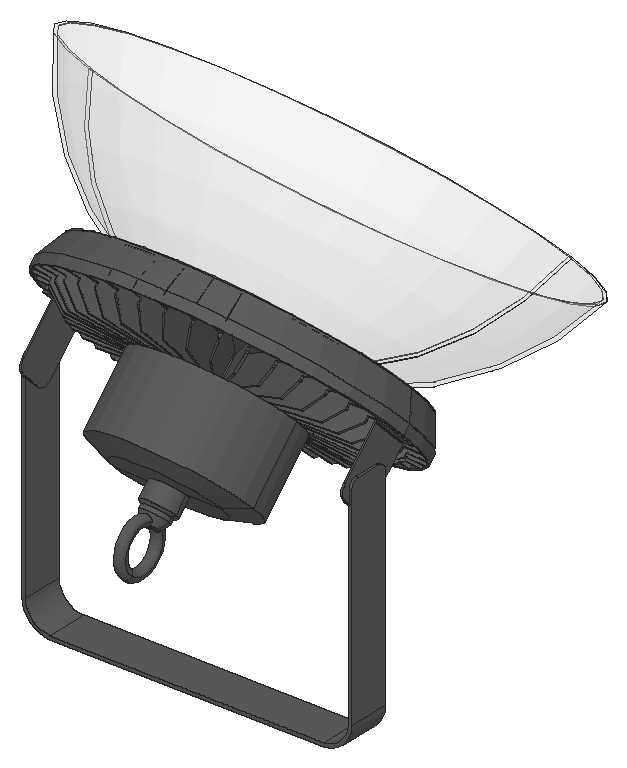
Revit family "0039363+0039354+0039358 Sylvania Lighting Fixture START HighBay IP65 DALI 19000lm 840 MB with BRACKET and PC LAMPSHADE TRANSPARENT 13 19KLM", category Lighting Fixtures, host Face, Revit 2016 (continued)
Definition of nested family "Start LED Highbay DALI Head"
  Nested families
    nested 6: "Start Highbay Rib" at (0, 0, 80.875) x (0.7071, 0.7071, 0) z (0, 0, 1), type "Type Name", detail levels medium+fine
      with SuspensionHeight_FEILO 2.6 mm, WidthStraight_FEILO 4.7 mm, WidthRingChamfer_FEILO 12.9 mm, WidthCurved_FEILO 26.2 mm, WidthCurvedRing_FEILO 4.7 mm, SizeS_FEILO no, Rib4_FEILO 14.6 mm, Rib3_FEILO 20.2 mm, Rib2_FEILO 4.5 mm, Rib1_FEILO 19 mm, RadiusDiffuser_FEILO 120 mm, RHRadius3_FEILO 8.6 mm, RHRadius2_FEILO 14 mm, RHRadius1_FEILO 17.7 mm, RHHeight4_FEILO 9.2 mm, RHHeight3_FEILO 4.6 mm, RHHeight2_FEILO 2.6 mm, RHHeight1_FEILO 17.4 mm, HeightRing_FEILO 36.8 mm, HeightRingChamfer_FEILO 26.6 mm, EyeThickness_FEILO 10.5 mm, EyeThicknessHalf_FEILO 5.25 mm, EyeInner_FEILO 17.3 mm, DriverVerticalStraight_FEILO 57 mm, DriverVerticalChamfer_FEILO 9.5 mm, DriverRadius_FEILO 76.4 mm, DriverRadiusTop_FEILO 52.4 mm, DriverBottom_FEILO 74 mm, Radius_FEILO 169.5 mm
    nested 7: "Start Highbay Rib" at (0, 0, 80.875) x (0.5878, 0.809, 0) z (0, 0, 1), type "Type Name", detail levels medium+fine
      with SuspensionHeight_FEILO 2.6 mm, WidthStraight_FEILO 4.7 mm, WidthRingChamfer_FEILO 12.9 mm, WidthCurved_FEILO 26.2 mm, WidthCurvedRing_FEILO 4.7 mm, SizeS_FEILO no, Rib4_FEILO 14.6 mm, Rib3_FEILO 20.2 mm, Rib2_FEILO 4.5 mm, Rib1_FEILO 19 mm, RadiusDiffuser_FEILO 120 mm, RHRadius3_FEILO 8.6 mm, RHRadius2_FEILO 14 mm, RHRadius1_FEILO 17.7 mm, RHHeight4_FEILO 9.2 mm, RHHeight3_FEILO 4.6 mm, RHHeight2_FEILO 2.6 mm, RHHeight1_FEILO 17.4 mm, HeightRing_FEILO 36.8 mm, HeightRingChamfer_FEILO 26.6 mm, EyeThickness_FEILO 10.5 mm, EyeThicknessHalf_FEILO 5.25 mm, EyeInner_FEILO 17.3 mm, DriverVerticalStraight_FEILO 57 mm, DriverVerticalChamfer_FEILO 9.5 mm, DriverRadius_FEILO 76.4 mm, DriverRadiusTop_FEILO 52.4 mm, DriverBottom_FEILO 74 mm, Radius_FEILO 169.5 mm
    nested 8: "Start Highbay Rib" at (0, 0, 80.875) x (0.454, 0.891, 0) z (0, 0, 1), type "Type Name", detail levels medium+fine
      with SuspensionHeight_FEILO 2.6 mm, WidthStraight_FEILO 4.7 mm, WidthRingChamfer_FEILO 12.9 mm, WidthCurved_FEILO 26.2 mm, WidthCurvedRing_FEILO 4.7 mm, SizeS_FEILO no, Rib4_FEILO 14.6 mm, Rib3_FEILO 20.2 mm, Rib2_FEILO 4.5 mm, Rib1_FEILO 19 mm, RadiusDiffuser_FEILO 120 mm, RHRadius3_FEILO 8.6 mm, RHRadius2_FEILO 14 mm, RHRadius1_FEILO 17.7 mm, RHHeight4_FEILO 9.2 mm, RHHeight3_FEILO 4.6 mm, RHHeight2_FEILO 2.6 mm, RHHeight1_FEILO 17.4 mm, HeightRing_FEILO 36.8 mm, HeightRingChamfer_FEILO 26.6 mm, EyeThickness_FEILO 10.5 mm, EyeThicknessHalf_FEILO 5.25 mm, EyeInner_FEILO 17.3 mm, DriverVerticalStraight_FEILO 57 mm, DriverVerticalChamfer_FEILO 9.5 mm, DriverRadius_FEILO 76.4 mm, DriverRadiusTop_FEILO 52.4 mm, DriverBottom_FEILO 74 mm, Radius_FEILO 169.5 mm
    nested 9: "Start Highbay Rib" at (0, 0, 80.875) x (0.309, 0.9511, 0) z (0, 0, 1), type "Type Name", detail levels medium+fine
      with SuspensionHeight_FEILO 2.6 mm, WidthStraight_FEILO 4.7 mm, WidthRingChamfer_FEILO 12.9 mm, WidthCurved_FEILO 26.2 mm, WidthCurvedRing_FEILO 4.7 mm, SizeS_FEILO no, Rib4_FEILO 14.6 mm, Rib3_FEILO 20.2 mm, Rib2_FEILO 4.5 mm, Rib1_FEILO 19 mm, RadiusDiffuser_FEILO 120 mm, RHRadius3_FEILO 8.6 mm, RHRadius2_FEILO 14 mm, RHRadius1_FEILO 17.7 mm, RHHeight4_FEILO 9.2 mm, RHHeight3_FEILO 4.6 mm, RHHeight2_FEILO 2.6 mm, RHHeight1_FEILO 17.4 mm, HeightRing_FEILO 36.8 mm, HeightRingChamfer_FEILO 26.6 mm, EyeThickness_FEILO 10.5 mm, EyeThicknessHalf_FEILO 5.25 mm, EyeInner_FEILO 17.3 mm, DriverVerticalStraight_FEILO 57 mm, DriverVerticalChamfer_FEILO 9.5 mm, DriverRadius_FEILO 76.4 mm, DriverRadiusTop_FEILO 52.4 mm, DriverBottom_FEILO 74 mm, Radius_FEILO 169.5 mm
    nested 10: "Start Highbay Rib" at (0, 0, 80.875) x (0.1564, 0.9877, 0) z (0, 0, 1), type "Type Name", detail levels medium+fine
      with SuspensionHeight_FEILO 2.6 mm, WidthStraight_FEILO 4.7 mm, WidthRingChamfer_FEILO 12.9 mm, WidthCurved_FEILO 26.2 mm, WidthCurvedRing_FEILO 4.7 mm, SizeS_FEILO no, Rib4_FEILO 14.6 mm, Rib3_FEILO 20.2 mm, Rib2_FEILO 4.5 mm, Rib1_FEILO 19 mm, RadiusDiffuser_FEILO 120 mm, RHRadius3_FEILO 8.6 mm, RHRadius2_FEILO 14 mm, RHRadius1_FEILO 17.7 mm, RHHeight4_FEILO 9.2 mm, RHHeight3_FEILO 4.6 mm, RHHeight2_FEILO 2.6 mm, RHHeight1_FEILO 17.4 mm, HeightRing_FEILO 36.8 mm, HeightRingChamfer_FEILO 26.6 mm, EyeThickness_FEILO 10.5 mm, EyeThicknessHalf_FEILO 5.25 mm, EyeInner_FEILO 17.3 mm, DriverVerticalStraight_FEILO 57 mm, DriverVerticalChamfer_FEILO 9.5 mm, DriverRadius_FEILO 76.4 mm, DriverRadiusTop_FEILO 52.4 mm, DriverBottom_FEILO 74 mm, Radius_FEILO 169.5 mm
    nested 11: "Start Highbay Rib" at (0, 0, 80.875) x (0, 1, 0) z (0, 0, 1), type "Type Name", detail levels medium+fine
      with SuspensionHeight_FEILO 2.6 mm, WidthStraight_FEILO 4.7 mm, WidthRingChamfer_FEILO 12.9 mm, WidthCurved_FEILO 26.2 mm, WidthCurvedRing_FEILO 4.7 mm, SizeS_FEILO no, Rib4_FEILO 14.6 mm, Rib3_FEILO 20.2 mm, Rib2_FEILO 4.5 mm, Rib1_FEILO 19 mm, RadiusDiffuser_FEILO 120 mm, RHRadius3_FEILO 8.6 mm, RHRadius2_FEILO 14 mm, RHRadius1_FEILO 17.7 mm, RHHeight4_FEILO 9.2 mm, RHHeight3_FEILO 4.6 mm, RHHeight2_FEILO 2.6 mm, RHHeight1_FEILO 17.4 mm, HeightRing_FEILO 36.8 mm, HeightRingChamfer_FEILO 26.6 mm, EyeThickness_FEILO 10.5 mm, EyeThicknessHalf_FEILO 5.25 mm, EyeInner_FEILO 17.3 mm, DriverVerticalStraight_FEILO 57 mm, DriverVerticalChamfer_FEILO 9.5 mm, DriverRadius_FEILO 76.4 mm, DriverRadiusTop_FEILO 52.4 mm, DriverBottom_FEILO 74 mm, Radius_FEILO 169.5 mm
    nested 12: "Start Highbay Rib" at (0, 0, 80.875) x (-0.1564, 0.9877, 0) z (0, 0, 1), type "Type Name", detail levels medium+fine
      with SuspensionHeight_FEILO 2.6 mm, WidthStraight_FEILO 4.7 mm, WidthRingChamfer_FEILO 12.9 mm, WidthCurved_FEILO 26.2 mm, WidthCurvedRing_FEILO 4.7 mm, SizeS_FEILO no, Rib4_FEILO 14.6 mm, Rib3_FEILO 20.2 mm, Rib2_FEILO 4.5 mm, Rib1_FEILO 19 mm, RadiusDiffuser_FEILO 120 mm, RHRadius3_FEILO 8.6 mm, RHRadius2_FEILO 14 mm, RHRadius1_FEILO 17.7 mm, RHHeight4_FEILO 9.2 mm, RHHeight3_FEILO 4.6 mm, RHHeight2_FEILO 2.6 mm, RHHeight1_FEILO 17.4 mm, HeightRing_FEILO 36.8 mm, HeightRingChamfer_FEILO 26.6 mm, EyeThickness_FEILO 10.5 mm, EyeThicknessHalf_FEILO 5.25 mm, EyeInner_FEILO 17.3 mm, DriverVerticalStraight_FEILO 57 mm, DriverVerticalChamfer_FEILO 9.5 mm, DriverRadius_FEILO 76.4 mm, DriverRadiusTop_FEILO 52.4 mm, DriverBottom_FEILO 74 mm, Radius_FEILO 169.5 mm
    nested 13: "Start Highbay Rib" at (0, 0, 80.875) x (-0.309, 0.9511, 0) z (0, 0, 1), type "Type Name", detail levels medium+fine
      with SuspensionHeight_FEILO 2.6 mm, WidthStraight_FEILO 4.7 mm, WidthRingChamfer_FEILO 12.9 mm, WidthCurved_FEILO 26.2 mm, WidthCurvedRing_FEILO 4.7 mm, SizeS_FEILO no, Rib4_FEILO 14.6 mm, Rib3_FEILO 20.2 mm, Rib2_FEILO 4.5 mm, Rib1_FEILO 19 mm, RadiusDiffuser_FEILO 120 mm, RHRadius3_FEILO 8.6 mm, RHRadius2_FEILO 14 mm, RHRadius1_FEILO 17.7 mm, RHHeight4_FEILO 9.2 mm, RHHeight3_FEILO 4.6 mm, RHHeight2_FEILO 2.6 mm, RHHeight1_FEILO 17.4 mm, HeightRing_FEILO 36.8 mm, HeightRingChamfer_FEILO 26.6 mm, EyeThickness_FEILO 10.5 mm, EyeThicknessHalf_FEILO 5.25 mm, EyeInner_FEILO 17.3 mm, DriverVerticalStraight_FEILO 57 mm, DriverVerticalChamfer_FEILO 9.5 mm, DriverRadius_FEILO 76.4 mm, DriverRadiusTop_FEILO 52.4 mm, DriverBottom_FEILO 74 mm, Radius_FEILO 169.5 mm
    nested 14: "Start Highbay Rib" at (0, 0, 80.875) x (-0.454, 0.891, 0) z (0, 0, 1), type "Type Name", detail levels medium+fine
      with SuspensionHeight_FEILO 2.6 mm, WidthStraight_FEILO 4.7 mm, WidthRingChamfer_FEILO 12.9 mm, WidthCurved_FEILO 26.2 mm, WidthCurvedRing_FEILO 4.7 mm, SizeS_FEILO no, Rib4_FEILO 14.6 mm, Rib3_FEILO 20.2 mm, Rib2_FEILO 4.5 mm, Rib1_FEILO 19 mm, RadiusDiffuser_FEILO 120 mm, RHRadius3_FEILO 8.6 mm, RHRadius2_FEILO 14 mm, RHRadius1_FEILO 17.7 mm, RHHeight4_FEILO 9.2 mm, RHHeight3_FEILO 4.6 mm, RHHeight2_FEILO 2.6 mm, RHHeight1_FEILO 17.4 mm, HeightRing_FEILO 36.8 mm, HeightRingChamfer_FEILO 26.6 mm, EyeThickness_FEILO 10.5 mm, EyeThicknessHalf_FEILO 5.25 mm, EyeInner_FEILO 17.3 mm, DriverVerticalStraight_FEILO 57 mm, DriverVerticalChamfer_FEILO 9.5 mm, DriverRadius_FEILO 76.4 mm, DriverRadiusTop_FEILO 52.4 mm, DriverBottom_FEILO 74 mm, Radius_FEILO 169.5 mm
    nested 15: "Start Highbay Rib" at (0, 0, 80.875) x (-0.5878, 0.809, 0) z (0, 0, 1), type "Type Name", detail levels medium+fine
      with SuspensionHeight_FEILO 2.6 mm, WidthStraight_FEILO 4.7 mm, WidthRingChamfer_FEILO 12.9 mm, WidthCurved_FEILO 26.2 mm, WidthCurvedRing_FEILO 4.7 mm, SizeS_FEILO no, Rib4_FEILO 14.6 mm, Rib3_FEILO 20.2 mm, Rib2_FEILO 4.5 mm, Rib1_FEILO 19 mm, RadiusDiffuser_FEILO 120 mm, RHRadius3_FEILO 8.6 mm, RHRadius2_FEILO 14 mm, RHRadius1_FEILO 17.7 mm, RHHeight4_FEILO 9.2 mm, RHHeight3_FEILO 4.6 mm, RHHeight2_FEILO 2.6 mm, RHHeight1_FEILO 17.4 mm, HeightRing_FEILO 36.8 mm, HeightRingChamfer_FEILO 26.6 mm, EyeThickness_FEILO 10.5 mm, EyeThicknessHalf_FEILO 5.25 mm, EyeInner_FEILO 17.3 mm, DriverVerticalStraight_FEILO 57 mm, DriverVerticalChamfer_FEILO 9.5 mm, DriverRadius_FEILO 76.4 mm, DriverRadiusTop_FEILO 52.4 mm, DriverBottom_FEILO 74 mm, Radius_FEILO 169.5 mm
    nested 16: "Start Highbay Rib" at (0, 0, 80.875) x (-0.7071, 0.7071, 0) z (0, 0, 1), type "Type Name", detail levels medium+fine
      with SuspensionHeight_FEILO 2.6 mm, WidthStraight_FEILO 4.7 mm, WidthRingChamfer_FEILO 12.9 mm, WidthCurved_FEILO 26.2 mm, WidthCurvedRing_FEILO 4.7 mm, SizeS_FEILO no, Rib4_FEILO 14.6 mm, Rib3_FEILO 20.2 mm, Rib2_FEILO 4.5 mm, Rib1_FEILO 19 mm, RadiusDiffuser_FEILO 120 mm, RHRadius3_FEILO 8.6 mm, RHRadius2_FEILO 14 mm, RHRadius1_FEILO 17.7 mm, RHHeight4_FEILO 9.2 mm, RHHeight3_FEILO 4.6 mm, RHHeight2_FEILO 2.6 mm, RHHeight1_FEILO 17.4 mm, HeightRing_FEILO 36.8 mm, HeightRingChamfer_FEILO 26.6 mm, EyeThickness_FEILO 10.5 mm, EyeThicknessHalf_FEILO 5.25 mm, EyeInner_FEILO 17.3 mm, DriverVerticalStraight_FEILO 57 mm, DriverVerticalChamfer_FEILO 9.5 mm, DriverRadius_FEILO 76.4 mm, DriverRadiusTop_FEILO 52.4 mm, DriverBottom_FEILO 74 mm, Radius_FEILO 169.5 mm
    nested 17: "Start Highbay Rib" at (0, 0, 80.875) x (-0.809, 0.5878, 0) z (0, 0, 1), type "Type Name", detail levels medium+fine
      with SuspensionHeight_FEILO 2.6 mm, WidthStraight_FEILO 4.7 mm, WidthRingChamfer_FEILO 12.9 mm, WidthCurved_FEILO 26.2 mm, WidthCurvedRing_FEILO 4.7 mm, SizeS_FEILO no, Rib4_FEILO 14.6 mm, Rib3_FEILO 20.2 mm, Rib2_FEILO 4.5 mm, Rib1_FEILO 19 mm, RadiusDiffuser_FEILO 120 mm, RHRadius3_FEILO 8.6 mm, RHRadius2_FEILO 14 mm, RHRadius1_FEILO 17.7 mm, RHHeight4_FEILO 9.2 mm, RHHeight3_FEILO 4.6 mm, RHHeight2_FEILO 2.6 mm, RHHeight1_FEILO 17.4 mm, HeightRing_FEILO 36.8 mm, HeightRingChamfer_FEILO 26.6 mm, EyeThickness_FEILO 10.5 mm, EyeThicknessHalf_FEILO 5.25 mm, EyeInner_FEILO 17.3 mm, DriverVerticalStraight_FEILO 57 mm, DriverVerticalChamfer_FEILO 9.5 mm, DriverRadius_FEILO 76.4 mm, DriverRadiusTop_FEILO 52.4 mm, DriverBottom_FEILO 74 mm, Radius_FEILO 169.5 mm
    nested 18: "Start Highbay Rib" at (0, 0, 80.875) x (-0.891, 0.454, 0) z (0, 0, 1), type "Type Name", detail levels medium+fine
      with SuspensionHeight_FEILO 2.6 mm, WidthStraight_FEILO 4.7 mm, WidthRingChamfer_FEILO 12.9 mm, WidthCurved_FEILO 26.2 mm, WidthCurvedRing_FEILO 4.7 mm, SizeS_FEILO no, Rib4_FEILO 14.6 mm, Rib3_FEILO 20.2 mm, Rib2_FEILO 4.5 mm, Rib1_FEILO 19 mm, RadiusDiffuser_FEILO 120 mm, RHRadius3_FEILO 8.6 mm, RHRadius2_FEILO 14 mm, RHRadius1_FEILO 17.7 mm, RHHeight4_FEILO 9.2 mm, RHHeight3_FEILO 4.6 mm, RHHeight2_FEILO 2.6 mm, RHHeight1_FEILO 17.4 mm, HeightRing_FEILO 36.8 mm, HeightRingChamfer_FEILO 26.6 mm, EyeThickness_FEILO 10.5 mm, EyeThicknessHalf_FEILO 5.25 mm, EyeInner_FEILO 17.3 mm, DriverVerticalStraight_FEILO 57 mm, DriverVerticalChamfer_FEILO 9.5 mm, DriverRadius_FEILO 76.4 mm, DriverRadiusTop_FEILO 52.4 mm, DriverBottom_FEILO 74 mm, Radius_FEILO 169.5 mm
    nested 19: "Start Highbay Rib" at (0, 0, 80.875) x (-0.9511, 0.309, 0) z (0, 0, 1), type "Type Name", detail levels medium+fine
      with SuspensionHeight_FEILO 2.6 mm, WidthStraight_FEILO 4.7 mm, WidthRingChamfer_FEILO 12.9 mm, WidthCurved_FEILO 26.2 mm, WidthCurvedRing_FEILO 4.7 mm, SizeS_FEILO no, Rib4_FEILO 14.6 mm, Rib3_FEILO 20.2 mm, Rib2_FEILO 4.5 mm, Rib1_FEILO 19 mm, RadiusDiffuser_FEILO 120 mm, RHRadius3_FEILO 8.6 mm, RHRadius2_FEILO 14 mm, RHRadius1_FEILO 17.7 mm, RHHeight4_FEILO 9.2 mm, RHHeight3_FEILO 4.6 mm, RHHeight2_FEILO 2.6 mm, RHHeight1_FEILO 17.4 mm, HeightRing_FEILO 36.8 mm, HeightRingChamfer_FEILO 26.6 mm, EyeThickness_FEILO 10.5 mm, EyeThicknessHalf_FEILO 5.25 mm, EyeInner_FEILO 17.3 mm, DriverVerticalStraight_FEILO 57 mm, DriverVerticalChamfer_FEILO 9.5 mm, DriverRadius_FEILO 76.4 mm, DriverRadiusTop_FEILO 52.4 mm, DriverBottom_FEILO 74 mm, Radius_FEILO 169.5 mm
    nested 20: "Start Highbay Rib" at (0, 0, 80.875) x (-0.9877, 0.1564, 0) z (0, 0, 1), type "Type Name", detail levels medium+fine
      with SuspensionHeight_FEILO 2.6 mm, WidthStraight_FEILO 4.7 mm, WidthRingChamfer_FEILO 12.9 mm, WidthCurved_FEILO 26.2 mm, WidthCurvedRing_FEILO 4.7 mm, SizeS_FEILO no, Rib4_FEILO 14.6 mm, Rib3_FEILO 20.2 mm, Rib2_FEILO 4.5 mm, Rib1_FEILO 19 mm, RadiusDiffuser_FEILO 120 mm, RHRadius3_FEILO 8.6 mm, RHRadius2_FEILO 14 mm, RHRadius1_FEILO 17.7 mm, RHHeight4_FEILO 9.2 mm, RHHeight3_FEILO 4.6 mm, RHHeight2_FEILO 2.6 mm, RHHeight1_FEILO 17.4 mm, HeightRing_FEILO 36.8 mm, HeightRingChamfer_FEILO 26.6 mm, EyeThickness_FEILO 10.5 mm, EyeThicknessHalf_FEILO 5.25 mm, EyeInner_FEILO 17.3 mm, DriverVerticalStraight_FEILO 57 mm, DriverVerticalChamfer_FEILO 9.5 mm, DriverRadius_FEILO 76.4 mm, DriverRadiusTop_FEILO 52.4 mm, DriverBottom_FEILO 74 mm, Radius_FEILO 169.5 mm
    nested 21: "Start Highbay Rib" at (0, 0, 80.875) x (-1, 0, 0) z (0, 0, 1), type "Type Name", detail levels medium+fine
      with SuspensionHeight_FEILO 2.6 mm, WidthStraight_FEILO 4.7 mm, WidthRingChamfer_FEILO 12.9 mm, WidthCurved_FEILO 26.2 mm, WidthCurvedRing_FEILO 4.7 mm, SizeS_FEILO no, Rib4_FEILO 14.6 mm, Rib3_FEILO 20.2 mm, Rib2_FEILO 4.5 mm, Rib1_FEILO 19 mm, RadiusDiffuser_FEILO 120 mm, RHRadius3_FEILO 8.6 mm, RHRadius2_FEILO 14 mm, RHRadius1_FEILO 17.7 mm, RHHeight4_FEILO 9.2 mm, RHHeight3_FEILO 4.6 mm, RHHeight2_FEILO 2.6 mm, RHHeight1_FEILO 17.4 mm, HeightRing_FEILO 36.8 mm, HeightRingChamfer_FEILO 26.6 mm, EyeThickness_FEILO 10.5 mm, EyeThicknessHalf_FEILO 5.25 mm, EyeInner_FEILO 17.3 mm, DriverVerticalStraight_FEILO 57 mm, DriverVerticalChamfer_FEILO 9.5 mm, DriverRadius_FEILO 76.4 mm, DriverRadiusTop_FEILO 52.4 mm, DriverBottom_FEILO 74 mm, Radius_FEILO 169.5 mm
    nested 22: "Start Highbay Rib" at (0, 0, 80.875) x (-0.9877, -0.1564, 0) z (0, 0, 1), type "Type Name", detail levels medium+fine
      with SuspensionHeight_FEILO 2.6 mm, WidthStraight_FEILO 4.7 mm, WidthRingChamfer_FEILO 12.9 mm, WidthCurved_FEILO 26.2 mm, WidthCurvedRing_FEILO 4.7 mm, SizeS_FEILO no, Rib4_FEILO 14.6 mm, Rib3_FEILO 20.2 mm, Rib2_FEILO 4.5 mm, Rib1_FEILO 19 mm, RadiusDiffuser_FEILO 120 mm, RHRadius3_FEILO 8.6 mm, RHRadius2_FEILO 14 mm, RHRadius1_FEILO 17.7 mm, RHHeight4_FEILO 9.2 mm, RHHeight3_FEILO 4.6 mm, RHHeight2_FEILO 2.6 mm, RHHeight1_FEILO 17.4 mm, HeightRing_FEILO 36.8 mm, HeightRingChamfer_FEILO 26.6 mm, EyeThickness_FEILO 10.5 mm, EyeThicknessHalf_FEILO 5.25 mm, EyeInner_FEILO 17.3 mm, DriverVerticalStraight_FEILO 57 mm, DriverVerticalChamfer_FEILO 9.5 mm, DriverRadius_FEILO 76.4 mm, DriverRadiusTop_FEILO 52.4 mm, DriverBottom_FEILO 74 mm, Radius_FEILO 169.5 mm
    nested 23: "Start Highbay Rib" at (0, 0, 80.875) x (-0.9511, -0.309, 0) z (0, 0, 1), type "Type Name", detail levels medium+fine
      with SuspensionHeight_FEILO 2.6 mm, WidthStraight_FEILO 4.7 mm, WidthRingChamfer_FEILO 12.9 mm, WidthCurved_FEILO 26.2 mm, WidthCurvedRing_FEILO 4.7 mm, SizeS_FEILO no, Rib4_FEILO 14.6 mm, Rib3_FEILO 20.2 mm, Rib2_FEILO 4.5 mm, Rib1_FEILO 19 mm, RadiusDiffuser_FEILO 120 mm, RHRadius3_FEILO 8.6 mm, RHRadius2_FEILO 14 mm, RHRadius1_FEILO 17.7 mm, RHHeight4_FEILO 9.2 mm, RHHeight3_FEILO 4.6 mm, RHHeight2_FEILO 2.6 mm, RHHeight1_FEILO 17.4 mm, HeightRing_FEILO 36.8 mm, HeightRingChamfer_FEILO 26.6 mm, EyeThickness_FEILO 10.5 mm, EyeThicknessHalf_FEILO 5.25 mm, EyeInner_FEILO 17.3 mm, DriverVerticalStraight_FEILO 57 mm, DriverVerticalChamfer_FEILO 9.5 mm, DriverRadius_FEILO 76.4 mm, DriverRadiusTop_FEILO 52.4 mm, DriverBottom_FEILO 74 mm, Radius_FEILO 169.5 mm
    nested 24: "Start Highbay Rib" at (0, 0, 80.875) x (-0.891, -0.454, 0) z (0, 0, 1), type "Type Name", detail levels medium+fine
      with SuspensionHeight_FEILO 2.6 mm, WidthStraight_FEILO 4.7 mm, WidthRingChamfer_FEILO 12.9 mm, WidthCurved_FEILO 26.2 mm, WidthCurvedRing_FEILO 4.7 mm, SizeS_FEILO no, Rib4_FEILO 14.6 mm, Rib3_FEILO 20.2 mm, Rib2_FEILO 4.5 mm, Rib1_FEILO 19 mm, RadiusDiffuser_FEILO 120 mm, RHRadius3_FEILO 8.6 mm, RHRadius2_FEILO 14 mm, RHRadius1_FEILO 17.7 mm, RHHeight4_FEILO 9.2 mm, RHHeight3_FEILO 4.6 mm, RHHeight2_FEILO 2.6 mm, RHHeight1_FEILO 17.4 mm, HeightRing_FEILO 36.8 mm, HeightRingChamfer_FEILO 26.6 mm, EyeThickness_FEILO 10.5 mm, EyeThicknessHalf_FEILO 5.25 mm, EyeInner_FEILO 17.3 mm, DriverVerticalStraight_FEILO 57 mm, DriverVerticalChamfer_FEILO 9.5 mm, DriverRadius_FEILO 76.4 mm, DriverRadiusTop_FEILO 52.4 mm, DriverBottom_FEILO 74 mm, Radius_FEILO 169.5 mm
    nested 25: "Start Highbay Rib" at (0, 0, 80.875) x (-0.809, -0.5878, 0) z (0, 0, 1), type "Type Name", detail levels medium+fine
      with SuspensionHeight_FEILO 2.6 mm, WidthStraight_FEILO 4.7 mm, WidthRingChamfer_FEILO 12.9 mm, WidthCurved_FEILO 26.2 mm, WidthCurvedRing_FEILO 4.7 mm, SizeS_FEILO no, Rib4_FEILO 14.6 mm, Rib3_FEILO 20.2 mm, Rib2_FEILO 4.5 mm, Rib1_FEILO 19 mm, RadiusDiffuser_FEILO 120 mm, RHRadius3_FEILO 8.6 mm, RHRadius2_FEILO 14 mm, RHRadius1_FEILO 17.7 mm, RHHeight4_FEILO 9.2 mm, RHHeight3_FEILO 4.6 mm, RHHeight2_FEILO 2.6 mm, RHHeight1_FEILO 17.4 mm, HeightRing_FEILO 36.8 mm, HeightRingChamfer_FEILO 26.6 mm, EyeThickness_FEILO 10.5 mm, EyeThicknessHalf_FEILO 5.25 mm, EyeInner_FEILO 17.3 mm, DriverVerticalStraight_FEILO 57 mm, DriverVerticalChamfer_FEILO 9.5 mm, DriverRadius_FEILO 76.4 mm, DriverRadiusTop_FEILO 52.4 mm, DriverBottom_FEILO 74 mm, Radius_FEILO 169.5 mm
    nested 26: "Start Highbay Rib" at (0, 0, 80.875) x (-0.7071, -0.7071, 0) z (0, 0, 1), type "Type Name", detail levels medium+fine
      with SuspensionHeight_FEILO 2.6 mm, WidthStraight_FEILO 4.7 mm, WidthRingChamfer_FEILO 12.9 mm, WidthCurved_FEILO 26.2 mm, WidthCurvedRing_FEILO 4.7 mm, SizeS_FEILO no, Rib4_FEILO 14.6 mm, Rib3_FEILO 20.2 mm, Rib2_FEILO 4.5 mm, Rib1_FEILO 19 mm, RadiusDiffuser_FEILO 120 mm, RHRadius3_FEILO 8.6 mm, RHRadius2_FEILO 14 mm, RHRadius1_FEILO 17.7 mm, RHHeight4_FEILO 9.2 mm, RHHeight3_FEILO 4.6 mm, RHHeight2_FEILO 2.6 mm, RHHeight1_FEILO 17.4 mm, HeightRing_FEILO 36.8 mm, HeightRingChamfer_FEILO 26.6 mm, EyeThickness_FEILO 10.5 mm, EyeThicknessHalf_FEILO 5.25 mm, EyeInner_FEILO 17.3 mm, DriverVerticalStraight_FEILO 57 mm, DriverVerticalChamfer_FEILO 9.5 mm, DriverRadius_FEILO 76.4 mm, DriverRadiusTop_FEILO 52.4 mm, DriverBottom_FEILO 74 mm, Radius_FEILO 169.5 mm
    nested 27: "Start Highbay Rib" at (0, 0, 80.875) x (-0.5878, -0.809, 0) z (0, 0, 1), type "Type Name", detail levels medium+fine
      with SuspensionHeight_FEILO 2.6 mm, WidthStraight_FEILO 4.7 mm, WidthRingChamfer_FEILO 12.9 mm, WidthCurved_FEILO 26.2 mm, WidthCurvedRing_FEILO 4.7 mm, SizeS_FEILO no, Rib4_FEILO 14.6 mm, Rib3_FEILO 20.2 mm, Rib2_FEILO 4.5 mm, Rib1_FEILO 19 mm, RadiusDiffuser_FEILO 120 mm, RHRadius3_FEILO 8.6 mm, RHRadius2_FEILO 14 mm, RHRadius1_FEILO 17.7 mm, RHHeight4_FEILO 9.2 mm, RHHeight3_FEILO 4.6 mm, RHHeight2_FEILO 2.6 mm, RHHeight1_FEILO 17.4 mm, HeightRing_FEILO 36.8 mm, HeightRingChamfer_FEILO 26.6 mm, EyeThickness_FEILO 10.5 mm, EyeThicknessHalf_FEILO 5.25 mm, EyeInner_FEILO 17.3 mm, DriverVerticalStraight_FEILO 57 mm, DriverVerticalChamfer_FEILO 9.5 mm, DriverRadius_FEILO 76.4 mm, DriverRadiusTop_FEILO 52.4 mm, DriverBottom_FEILO 74 mm, Radius_FEILO 169.5 mm
    nested 28: "Start Highbay Rib" at (0, 0, 80.875) x (-0.454, -0.891, 0) z (0, 0, 1), type "Type Name", detail levels medium+fine
      with SuspensionHeight_FEILO 2.6 mm, WidthStraight_FEILO 4.7 mm, WidthRingChamfer_FEILO 12.9 mm, WidthCurved_FEILO 26.2 mm, WidthCurvedRing_FEILO 4.7 mm, SizeS_FEILO no, Rib4_FEILO 14.6 mm, Rib3_FEILO 20.2 mm, Rib2_FEILO 4.5 mm, Rib1_FEILO 19 mm, RadiusDiffuser_FEILO 120 mm, RHRadius3_FEILO 8.6 mm, RHRadius2_FEILO 14 mm, RHRadius1_FEILO 17.7 mm, RHHeight4_FEILO 9.2 mm, RHHeight3_FEILO 4.6 mm, RHHeight2_FEILO 2.6 mm, RHHeight1_FEILO 17.4 mm, HeightRing_FEILO 36.8 mm, HeightRingChamfer_FEILO 26.6 mm, EyeThickness_FEILO 10.5 mm, EyeThicknessHalf_FEILO 5.25 mm, EyeInner_FEILO 17.3 mm, DriverVerticalStraight_FEILO 57 mm, DriverVerticalChamfer_FEILO 9.5 mm, DriverRadius_FEILO 76.4 mm, DriverRadiusTop_FEILO 52.4 mm, DriverBottom_FEILO 74 mm, Radius_FEILO 169.5 mm
    nested 29: "Start Highbay Rib" at (0, 0, 80.875) x (-0.309, -0.9511, 0) z (0, 0, 1), type "Type Name", detail levels medium+fine
      with SuspensionHeight_FEILO 2.6 mm, WidthStraight_FEILO 4.7 mm, WidthRingChamfer_FEILO 12.9 mm, WidthCurved_FEILO 26.2 mm, WidthCurvedRing_FEILO 4.7 mm, SizeS_FEILO no, Rib4_FEILO 14.6 mm, Rib3_FEILO 20.2 mm, Rib2_FEILO 4.5 mm, Rib1_FEILO 19 mm, RadiusDiffuser_FEILO 120 mm, RHRadius3_FEILO 8.6 mm, RHRadius2_FEILO 14 mm, RHRadius1_FEILO 17.7 mm, RHHeight4_FEILO 9.2 mm, RHHeight3_FEILO 4.6 mm, RHHeight2_FEILO 2.6 mm, RHHeight1_FEILO 17.4 mm, HeightRing_FEILO 36.8 mm, HeightRingChamfer_FEILO 26.6 mm, EyeThickness_FEILO 10.5 mm, EyeThicknessHalf_FEILO 5.25 mm, EyeInner_FEILO 17.3 mm, DriverVerticalStraight_FEILO 57 mm, DriverVerticalChamfer_FEILO 9.5 mm, DriverRadius_FEILO 76.4 mm, DriverRadiusTop_FEILO 52.4 mm, DriverBottom_FEILO 74 mm, Radius_FEILO 169.5 mm
    nested 30: "Start Highbay Rib" at (0, 0, 80.875) x (-0.1564, -0.9877, 0) z (0, 0, 1), type "Type Name", detail levels medium+fine
      with SuspensionHeight_FEILO 2.6 mm, WidthStraight_FEILO 4.7 mm, WidthRingChamfer_FEILO 12.9 mm, WidthCurved_FEILO 26.2 mm, WidthCurvedRing_FEILO 4.7 mm, SizeS_FEILO no, Rib4_FEILO 14.6 mm, Rib3_FEILO 20.2 mm, Rib2_FEILO 4.5 mm, Rib1_FEILO 19 mm, RadiusDiffuser_FEILO 120 mm, RHRadius3_FEILO 8.6 mm, RHRadius2_FEILO 14 mm, RHRadius1_FEILO 17.7 mm, RHHeight4_FEILO 9.2 mm, RHHeight3_FEILO 4.6 mm, RHHeight2_FEILO 2.6 mm, RHHeight1_FEILO 17.4 mm, HeightRing_FEILO 36.8 mm, HeightRingChamfer_FEILO 26.6 mm, EyeThickness_FEILO 10.5 mm, EyeThicknessHalf_FEILO 5.25 mm, EyeInner_FEILO 17.3 mm, DriverVerticalStraight_FEILO 57 mm, DriverVerticalChamfer_FEILO 9.5 mm, DriverRadius_FEILO 76.4 mm, DriverRadiusTop_FEILO 52.4 mm, DriverBottom_FEILO 74 mm, Radius_FEILO 169.5 mm
    nested 31: "Start Highbay Rib" at (0, 0, 80.875) x (0, -1, 0) z (0, 0, 1), type "Type Name", detail levels medium+fine
      with SuspensionHeight_FEILO 2.6 mm, WidthStraight_FEILO 4.7 mm, WidthRingChamfer_FEILO 12.9 mm, WidthCurved_FEILO 26.2 mm, WidthCurvedRing_FEILO 4.7 mm, SizeS_FEILO no, Rib4_FEILO 14.6 mm, Rib3_FEILO 20.2 mm, Rib2_FEILO 4.5 mm, Rib1_FEILO 19 mm, RadiusDiffuser_FEILO 120 mm, RHRadius3_FEILO 8.6 mm, RHRadius2_FEILO 14 mm, RHRadius1_FEILO 17.7 mm, RHHeight4_FEILO 9.2 mm, RHHeight3_FEILO 4.6 mm, RHHeight2_FEILO 2.6 mm, RHHeight1_FEILO 17.4 mm, HeightRing_FEILO 36.8 mm, HeightRingChamfer_FEILO 26.6 mm, EyeThickness_FEILO 10.5 mm, EyeThicknessHalf_FEILO 5.25 mm, EyeInner_FEILO 17.3 mm, DriverVerticalStraight_FEILO 57 mm, DriverVerticalChamfer_FEILO 9.5 mm, DriverRadius_FEILO 76.4 mm, DriverRadiusTop_FEILO 52.4 mm, DriverBottom_FEILO 74 mm, Radius_FEILO 169.5 mm
    nested 32: "Start Highbay Rib" at (0, 0, 80.875) x (0.1564, -0.9877, 0) z (0, 0, 1), type "Type Name", detail levels medium+fine
      with SuspensionHeight_FEILO 2.6 mm, WidthStraight_FEILO 4.7 mm, WidthRingChamfer_FEILO 12.9 mm, WidthCurved_FEILO 26.2 mm, WidthCurvedRing_FEILO 4.7 mm, SizeS_FEILO no, Rib4_FEILO 14.6 mm, Rib3_FEILO 20.2 mm, Rib2_FEILO 4.5 mm, Rib1_FEILO 19 mm, RadiusDiffuser_FEILO 120 mm, RHRadius3_FEILO 8.6 mm, RHRadius2_FEILO 14 mm, RHRadius1_FEILO 17.7 mm, RHHeight4_FEILO 9.2 mm, RHHeight3_FEILO 4.6 mm, RHHeight2_FEILO 2.6 mm, RHHeight1_FEILO 17.4 mm, HeightRing_FEILO 36.8 mm, HeightRingChamfer_FEILO 26.6 mm, EyeThickness_FEILO 10.5 mm, EyeThicknessHalf_FEILO 5.25 mm, EyeInner_FEILO 17.3 mm, DriverVerticalStraight_FEILO 57 mm, DriverVerticalChamfer_FEILO 9.5 mm, DriverRadius_FEILO 76.4 mm, DriverRadiusTop_FEILO 52.4 mm, DriverBottom_FEILO 74 mm, Radius_FEILO 169.5 mm
    nested 33: "Start Highbay Rib" at (0, 0, 80.875) x (0.309, -0.9511, 0) z (0, 0, 1), type "Type Name", detail levels medium+fine
      with SuspensionHeight_FEILO 2.6 mm, WidthStraight_FEILO 4.7 mm, WidthRingChamfer_FEILO 12.9 mm, WidthCurved_FEILO 26.2 mm, WidthCurvedRing_FEILO 4.7 mm, SizeS_FEILO no, Rib4_FEILO 14.6 mm, Rib3_FEILO 20.2 mm, Rib2_FEILO 4.5 mm, Rib1_FEILO 19 mm, RadiusDiffuser_FEILO 120 mm, RHRadius3_FEILO 8.6 mm, RHRadius2_FEILO 14 mm, RHRadius1_FEILO 17.7 mm, RHHeight4_FEILO 9.2 mm, RHHeight3_FEILO 4.6 mm, RHHeight2_FEILO 2.6 mm, RHHeight1_FEILO 17.4 mm, HeightRing_FEILO 36.8 mm, HeightRingChamfer_FEILO 26.6 mm, EyeThickness_FEILO 10.5 mm, EyeThicknessHalf_FEILO 5.25 mm, EyeInner_FEILO 17.3 mm, DriverVerticalStraight_FEILO 57 mm, DriverVerticalChamfer_FEILO 9.5 mm, DriverRadius_FEILO 76.4 mm, DriverRadiusTop_FEILO 52.4 mm, DriverBottom_FEILO 74 mm, Radius_FEILO 169.5 mm
    nested 34: "Start Highbay Rib" at (0, 0, 80.875) x (0.454, -0.891, 0) z (0, 0, 1), type "Type Name", detail levels medium+fine
      with SuspensionHeight_FEILO 2.6 mm, WidthStraight_FEILO 4.7 mm, WidthRingChamfer_FEILO 12.9 mm, WidthCurved_FEILO 26.2 mm, WidthCurvedRing_FEILO 4.7 mm, SizeS_FEILO no, Rib4_FEILO 14.6 mm, Rib3_FEILO 20.2 mm, Rib2_FEILO 4.5 mm, Rib1_FEILO 19 mm, RadiusDiffuser_FEILO 120 mm, RHRadius3_FEILO 8.6 mm, RHRadius2_FEILO 14 mm, RHRadius1_FEILO 17.7 mm, RHHeight4_FEILO 9.2 mm, RHHeight3_FEILO 4.6 mm, RHHeight2_FEILO 2.6 mm, RHHeight1_FEILO 17.4 mm, HeightRing_FEILO 36.8 mm, HeightRingChamfer_FEILO 26.6 mm, EyeThickness_FEILO 10.5 mm, EyeThicknessHalf_FEILO 5.25 mm, EyeInner_FEILO 17.3 mm, DriverVerticalStraight_FEILO 57 mm, DriverVerticalChamfer_FEILO 9.5 mm, DriverRadius_FEILO 76.4 mm, DriverRadiusTop_FEILO 52.4 mm, DriverBottom_FEILO 74 mm, Radius_FEILO 169.5 mm
    nested 35: "Start Highbay Rib" at (0, 0, 80.875) x (0.5878, -0.809, 0) z (0, 0, 1), type "Type Name", detail levels medium+fine
      with SuspensionHeight_FEILO 2.6 mm, WidthStraight_FEILO 4.7 mm, WidthRingChamfer_FEILO 12.9 mm, WidthCurved_FEILO 26.2 mm, WidthCurvedRing_FEILO 4.7 mm, SizeS_FEILO no, Rib4_FEILO 14.6 mm, Rib3_FEILO 20.2 mm, Rib2_FEILO 4.5 mm, Rib1_FEILO 19 mm, RadiusDiffuser_FEILO 120 mm, RHRadius3_FEILO 8.6 mm, RHRadius2_FEILO 14 mm, RHRadius1_FEILO 17.7 mm, RHHeight4_FEILO 9.2 mm, RHHeight3_FEILO 4.6 mm, RHHeight2_FEILO 2.6 mm, RHHeight1_FEILO 17.4 mm, HeightRing_FEILO 36.8 mm, HeightRingChamfer_FEILO 26.6 mm, EyeThickness_FEILO 10.5 mm, EyeThicknessHalf_FEILO 5.25 mm, EyeInner_FEILO 17.3 mm, DriverVerticalStraight_FEILO 57 mm, DriverVerticalChamfer_FEILO 9.5 mm, DriverRadius_FEILO 76.4 mm, DriverRadiusTop_FEILO 52.4 mm, DriverBottom_FEILO 74 mm, Radius_FEILO 169.5 mm
    nested 36: "Start Highbay Rib" at (0, 0, 80.875) x (0.7071, -0.7071, 0) z (0, 0, 1), type "Type Name", detail levels medium+fine
      with SuspensionHeight_FEILO 2.6 mm, WidthStraight_FEILO 4.7 mm, WidthRingChamfer_FEILO 12.9 mm, WidthCurved_FEILO 26.2 mm, WidthCurvedRing_FEILO 4.7 mm, SizeS_FEILO no, Rib4_FEILO 14.6 mm, Rib3_FEILO 20.2 mm, Rib2_FEILO 4.5 mm, Rib1_FEILO 19 mm, RadiusDiffuser_FEILO 120 mm, RHRadius3_FEILO 8.6 mm, RHRadius2_FEILO 14 mm, RHRadius1_FEILO 17.7 mm, RHHeight4_FEILO 9.2 mm, RHHeight3_FEILO 4.6 mm, RHHeight2_FEILO 2.6 mm, RHHeight1_FEILO 17.4 mm, HeightRing_FEILO 36.8 mm, HeightRingChamfer_FEILO 26.6 mm, EyeThickness_FEILO 10.5 mm, EyeThicknessHalf_FEILO 5.25 mm, EyeInner_FEILO 17.3 mm, DriverVerticalStraight_FEILO 57 mm, DriverVerticalChamfer_FEILO 9.5 mm, DriverRadius_FEILO 76.4 mm, DriverRadiusTop_FEILO 52.4 mm, DriverBottom_FEILO 74 mm, Radius_FEILO 169.5 mm
    nested 37: "Start Highbay Rib" at (0, 0, 80.875) x (0.809, -0.5878, 0) z (0, 0, 1), type "Type Name", detail levels medium+fine
      with SuspensionHeight_FEILO 2.6 mm, WidthStraight_FEILO 4.7 mm, WidthRingChamfer_FEILO 12.9 mm, WidthCurved_FEILO 26.2 mm, WidthCurvedRing_FEILO 4.7 mm, SizeS_FEILO no, Rib4_FEILO 14.6 mm, Rib3_FEILO 20.2 mm, Rib2_FEILO 4.5 mm, Rib1_FEILO 19 mm, RadiusDiffuser_FEILO 120 mm, RHRadius3_FEILO 8.6 mm, RHRadius2_FEILO 14 mm, RHRadius1_FEILO 17.7 mm, RHHeight4_FEILO 9.2 mm, RHHeight3_FEILO 4.6 mm, RHHeight2_FEILO 2.6 mm, RHHeight1_FEILO 17.4 mm, HeightRing_FEILO 36.8 mm, HeightRingChamfer_FEILO 26.6 mm, EyeThickness_FEILO 10.5 mm, EyeThicknessHalf_FEILO 5.25 mm, EyeInner_FEILO 17.3 mm, DriverVerticalStraight_FEILO 57 mm, DriverVerticalChamfer_FEILO 9.5 mm, DriverRadius_FEILO 76.4 mm, DriverRadiusTop_FEILO 52.4 mm, DriverBottom_FEILO 74 mm, Radius_FEILO 169.5 mm
    nested 38: "Start Highbay Rib" at (0, 0, 80.875) x (0.891, -0.454, 0) z (0, 0, 1), type "Type Name", detail levels medium+fine
      with SuspensionHeight_FEILO 2.6 mm, WidthStraight_FEILO 4.7 mm, WidthRingChamfer_FEILO 12.9 mm, WidthCurved_FEILO 26.2 mm, WidthCurvedRing_FEILO 4.7 mm, SizeS_FEILO no, Rib4_FEILO 14.6 mm, Rib3_FEILO 20.2 mm, Rib2_FEILO 4.5 mm, Rib1_FEILO 19 mm, RadiusDiffuser_FEILO 120 mm, RHRadius3_FEILO 8.6 mm, RHRadius2_FEILO 14 mm, RHRadius1_FEILO 17.7 mm, RHHeight4_FEILO 9.2 mm, RHHeight3_FEILO 4.6 mm, RHHeight2_FEILO 2.6 mm, RHHeight1_FEILO 17.4 mm, HeightRing_FEILO 36.8 mm, HeightRingChamfer_FEILO 26.6 mm, EyeThickness_FEILO 10.5 mm, EyeThicknessHalf_FEILO 5.25 mm, EyeInner_FEILO 17.3 mm, DriverVerticalStraight_FEILO 57 mm, DriverVerticalChamfer_FEILO 9.5 mm, DriverRadius_FEILO 76.4 mm, DriverRadiusTop_FEILO 52.4 mm, DriverBottom_FEILO 74 mm, Radius_FEILO 169.5 mm
    nested 39: "Start Highbay Rib" at (0, 0, 80.875) x (0.9511, -0.309, 0) z (0, 0, 1), type "Type Name", detail levels medium+fine
      with SuspensionHeight_FEILO 2.6 mm, WidthStraight_FEILO 4.7 mm, WidthRingChamfer_FEILO 12.9 mm, WidthCurved_FEILO 26.2 mm, WidthCurvedRing_FEILO 4.7 mm, SizeS_FEILO no, Rib4_FEILO 14.6 mm, Rib3_FEILO 20.2 mm, Rib2_FEILO 4.5 mm, Rib1_FEILO 19 mm, RadiusDiffuser_FEILO 120 mm, RHRadius3_FEILO 8.6 mm, RHRadius2_FEILO 14 mm, RHRadius1_FEILO 17.7 mm, RHHeight4_FEILO 9.2 mm, RHHeight3_FEILO 4.6 mm, RHHeight2_FEILO 2.6 mm, RHHeight1_FEILO 17.4 mm, HeightRing_FEILO 36.8 mm, HeightRingChamfer_FEILO 26.6 mm, EyeThickness_FEILO 10.5 mm, EyeThicknessHalf_FEILO 5.25 mm, EyeInner_FEILO 17.3 mm, DriverVerticalStraight_FEILO 57 mm, DriverVerticalChamfer_FEILO 9.5 mm, DriverRadius_FEILO 76.4 mm, DriverRadiusTop_FEILO 52.4 mm, DriverBottom_FEILO 74 mm, Radius_FEILO 169.5 mm
    nested 40: "Start Highbay Rib" at (0, 0, 80.875) x (0.9877, -0.1564, 0) z (0, 0, 1), type "Type Name", detail levels medium+fine
      with SuspensionHeight_FEILO 2.6 mm, WidthStraight_FEILO 4.7 mm, WidthRingChamfer_FEILO 12.9 mm, WidthCurved_FEILO 26.2 mm, WidthCurvedRing_FEILO 4.7 mm, SizeS_FEILO no, Rib4_FEILO 14.6 mm, Rib3_FEILO 20.2 mm, Rib2_FEILO 4.5 mm, Rib1_FEILO 19 mm, RadiusDiffuser_FEILO 120 mm, RHRadius3_FEILO 8.6 mm, RHRadius2_FEILO 14 mm, RHRadius1_FEILO 17.7 mm, RHHeight4_FEILO 9.2 mm, RHHeight3_FEILO 4.6 mm, RHHeight2_FEILO 2.6 mm, RHHeight1_FEILO 17.4 mm, HeightRing_FEILO 36.8 mm, HeightRingChamfer_FEILO 26.6 mm, EyeThickness_FEILO 10.5 mm, EyeThicknessHalf_FEILO 5.25 mm, EyeInner_FEILO 17.3 mm, DriverVerticalStraight_FEILO 57 mm, DriverVerticalChamfer_FEILO 9.5 mm, DriverRadius_FEILO 76.4 mm, DriverRadiusTop_FEILO 52.4 mm, DriverBottom_FEILO 74 mm, Radius_FEILO 169.5 mm
  Definition of nested family "Start Highbay Rib"
    Parameters (values of type "Type Name")
      WidthStraight_FEILO = if(SizeS_FEILO, 3 mm, if(SizeM_FEILO, 4 mm, 4.7 mm))  # 3 mm
      WidthRingChamfer_FEILO = if(SizeS_FEILO, 10.3 mm, if(SizeM_FEILO, 11.2 mm, 12.9 mm))  # 10.3 mm
      WidthCurved_FEILO = if(SizeS_FEILO, 17.4 mm, if(SizeM_FEILO, 16.4 mm, 26.2 mm))  # 17.4 mm
      WidthCurvedRing_FEILO = if(SizeS_FEILO, 3 mm, if(SizeM_FEILO, 4 mm, 4.7 mm))  # 3 mm
      WidthBracket_FEILO = 40 mm
      URL = "http://www.feilosylvania.com"
      Type Image = (empty or 0)
      Type Comments = "n/a"
      ThicknessWall_FEILO = 1.5 mm
      ThicknessBracket_FEILO = 1.5 mm
      ThicknessBracketHalf_FEILO = ThicknessBracket_FEILO / 2  # 0.75 mm
      SuspensionHeight_FEILO [instance] = 2.6 mm
      SizeS_FEILO = yes
      SizeM_FEILO = no
      Rib4_FEILO = if(SizeS_FEILO, 18.1 mm, if(SizeM_FEILO, 13.6 mm, 14.6 mm))  # 18.1 mm
      Rib3_FEILO = if(SizeS_FEILO, 15.3 mm, if(SizeM_FEILO, 17.6 mm, 20.2 mm))  # 15.3 mm
      Rib2_FEILO = if(SizeS_FEILO, 3.6 mm, if(SizeM_FEILO, 3.9 mm, 4.5 mm))  # 3.6 mm
      Rib1_FEILO = if(SizeS_FEILO, 15.1 mm, if(SizeM_FEILO, 16.5 mm, 19 mm))  # 15.1 mm
      RadiusRib_FEILO = 2 mm
      RadiusDiffuser_FEILO = if(SizeS_FEILO, 95.2 mm, if(SizeM_FEILO, 105.3 mm, 120 mm))  # 95.2 mm
      RHRadius3_FEILO = if(SizeS_FEILO, 6.6 mm, if(SizeM_FEILO, 7.4 mm, 8.6 mm))  # 6.6 mm
      RHRadius2_FEILO = if(SizeS_FEILO, 11 mm, if(SizeM_FEILO, 12 mm, 14 mm))  # 11 mm
      RHRadius1_FEILO = if(SizeS_FEILO, 13.6 mm, if(SizeM_FEILO, 14.9 mm, 17.7 mm))  # 13.6 mm
      RHHeight4_FEILO = if(SizeS_FEILO, 7.3 mm, if(SizeM_FEILO, 8 mm, 9.2 mm))  # 7.3 mm
      RHHeight3_FEILO = if(SizeS_FEILO, 3.6 mm, if(SizeM_FEILO, 3.7 mm, 4.6 mm))  # 3.6 mm
      RHHeight2_FEILO = if(SizeS_FEILO, 2 mm, if(SizeM_FEILO, 2.2 mm, 2.6 mm))  # 2 mm
      RHHeight1_FEILO = if(SizeS_FEILO, 11.8 mm, if(SizeM_FEILO, 15.3 mm, 17.4 mm))  # 11.8 mm
      Material_3_FEILO = none
      Model = ""
      Manufacturer = "Feilo Sylvania"
      Keynote = "16500"
      HeightRing_FEILO = if(SizeS_FEILO, 19.8 mm, if(SizeM_FEILO, 32 mm, 36.8 mm))  # 19.8 mm
      HeightRingChamfer_FEILO = if(SizeS_FEILO, 11.7 mm, if(SizeM_FEILO, 23.2 mm, 26.6 mm))  # 11.7 mm
      EyeThickness_FEILO = if(SizeS_FEILO, 8.4 mm, if(SizeM_FEILO, 9.2 mm, 10.5 mm))  # 8.4 mm
      EyeThicknessHalf_FEILO = EyeThickness_FEILO / 2  # 4.2 mm
      EyeInner_FEILO = if(SizeS_FEILO, 13.8 mm, if(SizeM_FEILO, 15.1 mm, 17.3 mm))  # 13.8 mm
      DriverVerticalStraight_FEILO = if(SizeS_FEILO, 46.5 mm, if(SizeM_FEILO, 49.7 mm, 57 mm))  # 46.5 mm
      DriverVerticalChamfer_FEILO = if(SizeS_FEILO, 7.5 mm, if(SizeM_FEILO, 8.2 mm, 9.5 mm))  # 7.5 mm
      DriverRadius_FEILO = if(SizeS_FEILO, 61.4 mm, if(SizeM_FEILO, 67.2 mm, 76.4 mm))  # 61.4 mm
      DriverRadiusTop_FEILO = if(SizeS_FEILO, 42 mm, if(SizeM_FEILO, 45.3 mm, 52.4 mm))  # 42 mm
      DriverBottom_FEILO = if(SizeS_FEILO, 56 mm, if(SizeM_FEILO, 64.5 mm, 74 mm))  # 56 mm
      Material_2_FEILO = none
      Radius_FEILO = if(SizeS_FEILO, 135 mm, if(SizeM_FEILO, 148 mm, 169.5 mm))  # 135 mm
      Description = ""
      Default Elevation = 1219.2 mm
      Cost = 0
      Material_1_FEILO = none
      Assembly Code = "D5020200"
      Material_4_FEILO = none
    Reference planes
      plane 1 "Center (Front/Back)": y = 0
      plane 2: z = 0
      plane 3 "Center (Left/Right)": x = 0
      plane 4: z = 2.6
      plane 5: x = -135
      plane 6: x = -124.7
      plane 7: z = -9.1
      plane 8: z = -17.2
      plane 9: x = -121.7
      plane 10: z = -0.025
      plane 11: x = -104.3
      plane 12: x = -95.2
      plane 13: x = -118.7
      plane 14: z = 0.975
      plane 15: z = -1.025
      plane 16: x = -92.2
      plane 17: z = -2.025
      plane 18: x = -133.5
      plane 19: x = -119.9
      plane 20: z = -20.8
      plane 21: x = -104.6
      plane 22: z = -38.9
      plane 23: x = -20
      plane 24: z = -53.4
      plane 25: x = -61.4
      plane 26: z = -99.9
      plane 27: x = -42
      plane 28: z = -107.4
      plane 29: x = -13.6
      plane 30: z = -119.2
      plane 31: z = -121.2
      plane 32: x = -11
      plane 33: z = -124.8
      plane 34: z = -132.1
      plane 35: x = -6.6
      plane 36: z = -145.9
      plane 37: z = -159.7
      plane 38: x = 4.2
      plane 39: x = -4.2
      plane 40: z = -168.1
      plane 41: z = -163.9
      plane 42: x = -129.1
      plane 43: x = -132.5
      plane 44: z = -18.7
      plane 45: x = -123.2
      plane 46: z = -76.65
      plane 47: y = -20
      plane 48: y = 20
      plane 49: x = 135
      plane 50: x = 124.7
      plane 51: x = 133.5
      plane 52: x = 129.1
      plane 53: x = 132.5
      plane 54: x = 123.2
      plane 55: y = 0.75
      plane 56: y = -0.75
    Forms (mm)
      Extrusion 1, solid
        sketch origin (4.2, 0, 0) x (1, 0, 0) y (0, 1, 0)
          loop
            line (-1219.2, 1219.2) -> (-1219.2, -1219.2) -> (1219.2, -1219.2) -> (1219.2, 1219.2) -> (-1219.2, 1219.2)
        from 0 to -68.017
      Extrusion 2, solid, material <- "Material_1_FEILO"
        sketch origin (0, 0, 0) x (1, 0, 0) y (0, 0, 1)
          loop
            arc (-104.3, -0.025) -> (-111.555, 0.423) -> (-118.7, 1.76) r 58.981
            line (-118.7, 1.76) -> (-118.7, -0.025) -> (-125.012, -0.025) -> (-133.5, -9.666) -> (-133.5, -17.2) -> (-119.9, -17.2) -> (-119.9, -20.068)
            arc (-119.9, -20.068) -> (-119.778, -20.755) -> (-119.427, -21.359) r 2
            line (-119.427, -21.359) -> (-104.966, -38.467)
            arc (-104.966, -38.467) -> (-104.381, -38.789) -> (-103.723, -38.9) r 2
            line (-103.723, -38.9) -> (-20, -38.9) -> (-20, -9.1) -> (-95.2, -9.1) -> (-95.2, -2.025) -> (-104.3, -2.025) -> (-104.3, -0.025)
        from -0.75 to 0.75
    Lines and regions (mm)
      reference lines
        curve 1: line (-135, 0, -9.1) -> (-124.7, 0, 2.6)
        curve 2: line (-104.3, 0, -0.025) -> (0, 0, -0.025)
        curve 3: arc (-104.3, 0, -0.025) -> (-113.098, 0, 0.635) -> (-121.7, 0, 2.6) r 58.981
        curve 4: line (-124.7, 0, 2.6) -> (-121.7, 0, 2.6)
        curve 5: line (-125.012, 0, -0.025) -> (-133.5, 0, -9.666)
        curve 6: line (-119.9, 0, -20.8) -> (-104.6, 0, -38.9)
    Dimensions and locks
      "Radius_FEILO": plane 3 "Center (Left/Right)" to plane 5
      "WidthRingChamfer_FEILO": plane 6 to plane 5
      "WidthStraight_FEILO": plane 9 to plane 6
      "WidthCurvedRing_FEILO": plane 13 to plane 9
      locked: plane 10 to plane 15 at 1
      locked: plane 14 to plane 10 at 1
      locked: plane 4 to plane 10 at 2.625
      locked: plane 15 to plane 17 at 1
      "ThicknessWall_FEILO": plane 18 to plane 5
      "ThicknessWall_FEILO": curve 5 to curve 1
      "HeightRingChamfer_FEILO": plane 4 to plane 7
      "HeightRing_FEILO": plane 4 to plane 8
      "RadiusDiffuser_FEILO": plane 3 "Center (Left/Right)" to plane 12
      locked: plane 16 to plane 12 at 3
      "WidthCurved_FEILO": plane 11 to plane 9
      "SuspensionHeight_FEILO": plane 4 to plane 2
      "Rib1_FEILO": plane 19 to plane 5
      "Rib2_FEILO": plane 8 to plane 20
      "Rib3_FEILO": plane 21 to plane 19
      "Rib4_FEILO": plane 20 to plane 22
      locked: plane 3 "Center (Left/Right)" to plane 23 at 20
      "DriverBottom_FEILO": plane 4 to plane 24
      "DriverRadius_FEILO": plane 3 "Center (Left/Right)" to plane 25
      "DriverVerticalStraight_FEILO": plane 24 to plane 26
      "DriverRadiusTop_FEILO": plane 3 "Center (Left/Right)" to plane 27
      "DriverVerticalChamfer_FEILO": plane 26 to plane 28
      "RHRadius1_FEILO": plane 3 "Center (Left/Right)" to plane 29
      "RHHeight2_FEILO": plane 30 to plane 31
      "RHRadius2_FEILO": plane 3 "Center (Left/Right)" to plane 32
      "RHHeight3_FEILO": plane 31 to plane 33
      "RHHeight4_FEILO": plane 33 to plane 34
      "RHRadius3_FEILO": plane 3 "Center (Left/Right)" to plane 35
      "RHHeight1_FEILO": plane 28 to plane 30
      "EyeInner_FEILO": plane 34 to plane 36
      "EyeInner_FEILO": plane 36 to plane 37
      equal spacing: plane 38, plane 3 "Center (Left/Right)", plane 39
      "EyeThickness_FEILO": plane 38 to plane 39
      "EyeThickness_FEILO": plane 37 to plane 40
      equal spacing: plane 37, plane 41, plane 40
      equal spacing: plane 6, plane 42, plane 18
      "ThicknessBracket_FEILO": plane 45 to plane 6
      "ThicknessBracket_FEILO": plane 8 to plane 44
      locked: plane 43 to plane 18 at 1
      equal spacing: plane 24, plane 46, plane 26
      equal spacing: plane 47, plane 1 "Center (Front/Back)", plane 48
      "WidthBracket_FEILO": plane 47 to plane 48
      "WidthRingChamfer_FEILO": plane 50 to plane 49
      "ThicknessWall_FEILO": plane 51 to plane 49
      equal spacing: plane 50, plane 52, plane 51
      "ThicknessBracket_FEILO": plane 54 to plane 50
      locked: plane 53 to plane 51 at 1
      "Radius_FEILO": plane 49 to plane 3 "Center (Left/Right)"
      equal spacing: plane 56, plane 1 "Center (Front/Back)", plane 55
      "ThicknessWall_FEILO": plane 56 to plane 55
      "RadiusRib_FEILO": radius of Extrusion 2 sketch curve  (x2)
      aligned and locked: plane 2 to Extrusion 1
      aligned and locked: level to Extrusion 1
      aligned and locked: plane 5 to curve 1
      aligned and locked: plane 6 to curve 1
      aligned and locked: plane 7 to curve 1
      aligned and locked: plane 10 to curve 2
      aligned and locked: plane 9 to curve 3
      aligned and locked: plane 4 to curve 3
      aligned and locked: plane 11 to curve 3
      aligned and locked: plane 4 to curve 4
      aligned and locked: plane 18 to curve 5
      aligned and locked: plane 10 to curve 5
      aligned and locked: plane 22 to curve 6
      aligned and locked: plane 21 to curve 6
      aligned and locked: plane 20 to curve 6
      aligned and locked: plane 19 to curve 6
      aligned and locked: Extrusion 2 sketch curve to plane 23
      aligned and locked: Extrusion 2 sketch curve to plane 22
      aligned and locked: Extrusion 2 sketch curve to curve 6
      aligned and locked: plane 19 to Extrusion 2 sketch curve
      aligned and locked: Extrusion 2 sketch curve to plane 8
      aligned and locked: Extrusion 2 sketch curve to curve 5
      aligned and locked: Extrusion 2 sketch curve to curve 3
      aligned and locked: Extrusion 2 to plane 55
      aligned and locked: plane 56 to Extrusion 2
      aligned and locked: curve 6 to Extrusion 2 sketch curve
    Automatic sketch dimensions
      Extrusion 1 sketch curve to Extrusion 1 sketch curve = 2438.4 mm  (x2)
      curve 2 to plane 3 "Center (Left/Right)" = 0 mm
      Extrusion 2 sketch curve to plane 18 = 0 mm
      Extrusion 2 sketch curve to plane 10 = 0 mm
      Extrusion 2 sketch curve to plane 13 = 0 mm
      Extrusion 2 sketch curve to plane 7 = 0 mm
      Extrusion 2 sketch curve to plane 12 = 0 mm
      Extrusion 2 sketch curve to plane 17 = 0 mm
      plane 19 to Extrusion 2 sketch curve = 0.473 mm
      Extrusion 2 sketch curve to plane 21 = 0.366 mm
